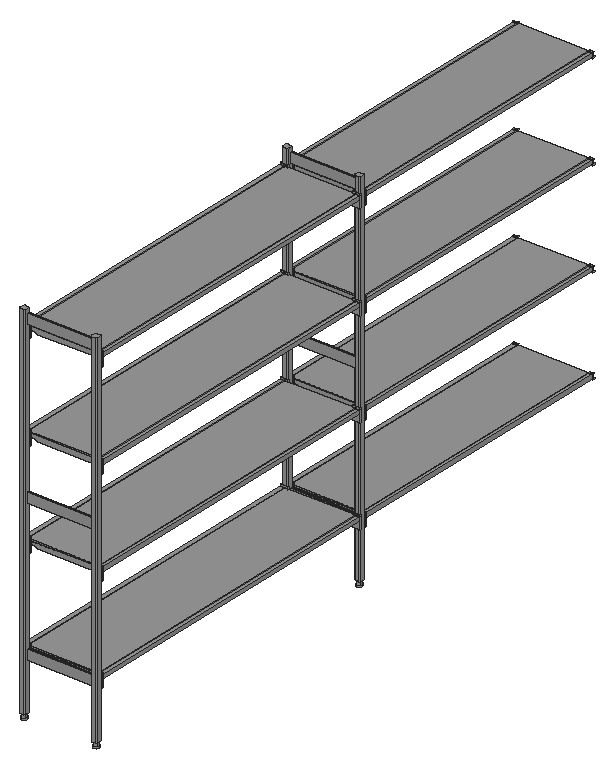
Revit family "QF_ZANUSSI_137069_ACS2903", category Attrezzature speciali, Revit 2020
Family settings
  Quota connettore circolare = Usa diametro
  Tipo di parte = Normale
  Basato su piano di lavoro = No
  Sempre verticale = Sì
  Taglio con vuoti quando caricato = No
  Condiviso = No
  Punto di calcolo locali = No
Parameters (values of type "Standard")
  Weight = 42.00 kg
  Watts = 0 W
  Volts = 0 V
  URL Manufacturer = "http://www.zanussiprofessional.com"
  URL = "http://www.zanussiprofessional.com"
  Steam Supply Size = 0 mm
  Steam Supply Minimum Pressure = 0.0 Pa
  Steam Supply Maximum Pressure = 0.0 Pa
  Steam Consumption per Hour = 0
  Refrigeration Suction Line Size = 0.0 mm
  Refrigeration Liquid Line Size = 0.0 mm
  Refrigerant Compressor Remote = yes
  Prospetto di default = 0.0 mm
  Phase = 0
  Modello = "ACS2903"
  Produttore = "Zanussi"
  Length Actual = 2907.0 mm  # constant formula
  Item Number = "137069"
  Hot Water Size = 0 mm
  Height Actual = 1700.0 mm  # constant formula
  HP = "0 HP"
  Gas Size = 0 mm
  Gas KW = 0
  Gas Input Pressure = 0 W
  Direct Waste Size = 0 mm
  Descrizione = "ALUM.CORNER SHELV.-POLY.TIERS-373X2907MM"
  Depth Actual = 373.0 mm  # constant formula
  Cycle = 0 Hz
  Condensate Return Size = 0 mm
  Compressed Air Volume = 0.0 L/s
  Compressed Air Size = 0 mm
  Compressed Air Pressure = 0.0 Pa
  Cold Water Size = 0 mm
  Accessory = yes
Reference planes
  plane 1: z = 0
  plane 2 "CenterLeft": y = -535.5
  plane 3 "FRONT": y = -921.5
  plane 4 "LEFT": x = 192.5
  plane 5 "RIGHT": x = 565.5
  plane 6 "TOP": z = 1700
  plane 7: y = -889.5
  plane 8: y = 615.5
  plane 9 "Center (Left/Back)": x = 379
  plane 10: x = 205
  plane 11: x = 515
  plane 12 "FEET": z = 25
  plane 13: z = 275
  plane 14: z = 725
  plane 15: z = 1175
  plane 16: z = 1625
  plane 17 "CXLeft": y = -907.5
  plane 18 "Center (Front/Back)": y = 633.5
  plane 19 "CYFront": x = 510
  plane 20: y = 1981.5
  plane 21: y = 651.5
  plane 22 "BACK": y = 1985.5
  plane 23 "LEFT_ORIGIN": x = 158.5
  plane 24 "BACK_ORIGIN": y = 2358.5
Forms (mm)
  Extrusion 1, solid, material "QF_Aluminum"
    sketch origin (38.022, -921.5, -4.006) x (-1, 0, 0) y (0, 0, 1)
      loop
        line (-189.5, 1637.003) -> (-173.5, 1637.003) -> (-173.5, 1655) -> (-175.493, 1655) -> (-175.493, 1648.501) -> (-506.5, 1648.501) -> (-506.5, 1655) -> (-508.5, 1655) -> (-508.5, 1637.003) -> (-492.5, 1637.003) -> (-458.5, 1625) -> (-223.5, 1625) -> (-189.5, 1637.003)
      loop
        line (-189.5, 1187.003) -> (-173.5, 1187.003) -> (-173.5, 1205) -> (-175.493, 1205) -> (-175.493, 1198.501) -> (-506.5, 1198.501) -> (-506.5, 1205) -> (-508.5, 1205) -> (-508.5, 1187.003) -> (-492.5, 1187.003) -> (-458.5, 1175) -> (-223.5, 1175) -> (-189.5, 1187.003)
      loop
        line (-189.5, 737.003) -> (-173.5, 737.003) -> (-173.5, 755) -> (-175.493, 755) -> (-175.493, 748.501) -> (-506.5, 748.501) -> (-506.5, 755) -> (-508.5, 755) -> (-508.5, 737.003) -> (-492.5, 737.003) -> (-458.5, 725) -> (-223.5, 725) -> (-189.5, 737.003)
      loop
        line (-189.5, 287.003) -> (-173.5, 287.003) -> (-173.5, 305) -> (-175.493, 305) -> (-175.493, 298.501) -> (-506.5, 298.501) -> (-506.5, 305) -> (-508.5, 305) -> (-508.5, 287.003) -> (-492.5, 287.003) -> (-458.5, 275) -> (-223.5, 275) -> (-189.5, 287.003)
    from 37 to 32
  Extrusion 2, solid, material "QF_Aluminum"
    sketch origin (38.022, -921.5, 0) x (-1, 0, 0) y (0, 0, 1)
      loop
        line (-154.478, 246.005) -> (-154.478, 307.993) -> (-190.471, 307.993) -> (-190.471, 246.005) -> (-154.478, 246.005)
      loop
        line (-527.478, 246.005) -> (-491.484, 246.005) -> (-491.484, 307.993) -> (-527.478, 307.993) -> (-527.478, 246.005)
      loop
        line (-154.478, 696.005) -> (-154.478, 757.993) -> (-190.471, 757.993) -> (-190.471, 696.005) -> (-154.478, 696.005)
      loop
        line (-527.478, 696.005) -> (-491.484, 696.005) -> (-491.484, 757.993) -> (-527.478, 757.993) -> (-527.478, 696.005)
      loop
        line (-154.478, 1146.005) -> (-154.478, 1207.993) -> (-190.471, 1207.993) -> (-190.471, 1146.005) -> (-154.478, 1146.005)
      loop
        line (-527.478, 1146.005) -> (-491.484, 1146.005) -> (-491.484, 1207.993) -> (-527.478, 1207.993) -> (-527.478, 1146.005)
      loop
        line (-154.478, 1596.005) -> (-154.478, 1657.993) -> (-190.471, 1657.993) -> (-190.471, 1596.005) -> (-154.478, 1596.005)
      loop
        line (-527.478, 1596.005) -> (-491.484, 1596.005) -> (-491.484, 1657.993) -> (-527.478, 1657.993) -> (-527.478, 1596.005)
    from 28 to 32
  Extrusion 3, solid, material "QF_Aluminum"
    sketch origin (38.022, -921.5, 0) x (-1, 0, 0) y (0, 0, 1)
      loop
        line (-154.5, 1650.994) -> (-173.5, 1650.994) -> (-173.5, 1632.998) -> (-154.5, 1632.998) -> (-154.5, 1650.994)
      loop
        line (-154.5, 1200.994) -> (-173.5, 1200.994) -> (-173.5, 1182.998) -> (-154.5, 1182.998) -> (-154.5, 1200.994)
      loop
        line (-154.5, 750.994) -> (-173.5, 750.994) -> (-173.5, 732.998) -> (-154.5, 732.998) -> (-154.5, 750.994)
      loop
        line (-154.5, 300.994) -> (-173.5, 300.994) -> (-173.5, 282.998) -> (-154.5, 282.998) -> (-154.5, 300.994)
      loop
        line (-527.455, 1650.994) -> (-527.455, 1632.998) -> (-508.455, 1632.998) -> (-508.455, 1650.994) -> (-527.455, 1650.994)
      loop
        line (-527.455, 1200.994) -> (-527.455, 1182.998) -> (-508.455, 1182.998) -> (-508.455, 1200.994) -> (-527.455, 1200.994)
      loop
        line (-527.455, 750.994) -> (-527.455, 732.998) -> (-508.455, 732.998) -> (-508.455, 750.994) -> (-527.455, 750.994)
      loop
        line (-527.455, 300.994) -> (-527.455, 282.998) -> (-508.455, 282.998) -> (-508.455, 300.994) -> (-527.455, 300.994)
    from 32 to 1537
  Extrusion 4, solid, material "QF_Polyethylene"
    sketch origin (38.022, -921.5, 0) x (-1, 0, 0) y (0, 0, 1)
      loop
        line (-175.493, 1650.994) -> (-506.5, 1650.994) -> (-506.5, 1644.496) -> (-175.493, 1644.496) -> (-175.493, 1650.994)
      loop
        line (-175.493, 1200.994) -> (-506.5, 1200.994) -> (-506.5, 1194.496) -> (-175.493, 1194.496) -> (-175.493, 1200.994)
      loop
        line (-175.493, 750.994) -> (-506.5, 750.994) -> (-506.5, 744.496) -> (-175.493, 744.496) -> (-175.493, 750.994)
      loop
        line (-175.493, 300.994) -> (-506.5, 300.994) -> (-506.5, 294.496) -> (-175.493, 294.496) -> (-175.493, 300.994)
    from 32 to 1537
  Extrusion 5, solid, material "QF_Aluminum"
    sketch origin (38.022, 684.5, 0) x (-1, 0, 0) y (0, 0, 1)
      loop
        line (-154.5, 1650.994) -> (-173.5, 1650.994) -> (-173.5, 1632.998) -> (-154.5, 1632.998) -> (-154.5, 1650.994)
      loop
        line (-508.5, 1650.994) -> (-527.455, 1650.994) -> (-527.455, 1632.998) -> (-508.5, 1632.998) -> (-508.5, 1650.994)
      loop
        line (-154.5, 1200.994) -> (-173.5, 1200.994) -> (-173.5, 1182.998) -> (-154.5, 1182.998) -> (-154.5, 1200.994)
      loop
        line (-508.5, 1200.994) -> (-527.455, 1200.994) -> (-527.455, 1182.998) -> (-508.5, 1182.998) -> (-508.5, 1200.994)
      loop
        line (-154.5, 750.994) -> (-173.5, 750.994) -> (-173.5, 732.998) -> (-154.5, 732.998) -> (-154.5, 750.994)
      loop
        line (-508.5, 750.994) -> (-527.455, 750.994) -> (-527.455, 732.998) -> (-508.5, 732.998) -> (-508.5, 750.994)
      loop
        line (-154.5, 300.994) -> (-173.5, 300.994) -> (-173.5, 282.998) -> (-154.5, 282.998) -> (-154.5, 300.994)
      loop
        line (-508.5, 300.994) -> (-527.455, 300.994) -> (-527.455, 282.998) -> (-508.5, 282.998) -> (-508.5, 300.994)
    from 1297 to -33
  Extrusion 6, solid, material "QF_Polyethylene"
    sketch origin (38.022, 684.5, 0) x (-1, 0, 0) y (0, 0, 1)
      loop
        line (-175.493, 1650.994) -> (-506.5, 1650.994) -> (-506.5, 1644.496) -> (-175.493, 1644.496) -> (-175.493, 1650.994)
      loop
        line (-175.493, 1200.994) -> (-506.5, 1200.994) -> (-506.5, 1194.496) -> (-175.493, 1194.496) -> (-175.493, 1200.994)
      loop
        line (-175.493, 750.994) -> (-506.5, 750.994) -> (-506.5, 744.496) -> (-175.493, 744.496) -> (-175.493, 750.994)
      loop
        line (-175.493, 300.994) -> (-506.5, 300.994) -> (-506.5, 294.496) -> (-175.493, 294.496) -> (-175.493, 300.994)
    from 1297 to -33
Lines and regions (mm)
  symbolic lines
    curve 1: line (205, -912.5, 1700) -> (515, -912.5, 1700)
    curve 2: line (515, -902.5, 1700) -> (205, -902.5, 1700)
    curve 3: line (192.5, -893.5, 1700) -> (192.5, 619.5, 1700)
    curve 4: line (565.5, -889.5, 1700) -> (565.5, 615.5, 1700)
    curve 5: line (192.5, 647.5, 1700) -> (192.5, 1985.5, 1700)
    curve 6: line (565.5, 647.5, 1700) -> (565.5, 1985.5, 1700)
    curve 7: line (211.522, 1981.5, 1700) -> (510.507, 1981.5, 1700)
    curve 8: line (211.522, 615.5, 1700) -> (510.507, 615.5, 1700)
    curve 9: line (510.507, 651.5, 1700) -> (211.522, 651.5, 1700)
    curve 10: line (211.522, -889.5, 1700) -> (510.507, -889.5, 1700)
    curve 11: line (211.522, -889.5, 1700) -> (211.522, 615.5, 1700)
    curve 12: line (546.478, 615.5, 1700) -> (546.478, -889.5, 1700)
    curve 13: line (211.522, 651.5, 1700) -> (211.522, 1981.5, 1700)
    curve 14: line (546.522, 652.5, 1700) -> (546.522, -145.5, 1700)
Dimensions and locks
  plane 3 "FRONT" to plane 2 "CenterLeft" = 386.0 mm
  locked: plane 6 "TOP" to level at 1700
  locked: plane 7 to plane 8 at 1505
  locked: plane 10 to plane 11 at 310
  plane 10 to plane 9 "Center (Left/Back)" to plane 11 = 174.0 mm, 136.0 mm
  equal spacing: plane 4 "LEFT", plane 9 "Center (Left/Back)", plane 5 "RIGHT"
  plane 12 "FEET" to level = 25.0 mm
  plane 6 "TOP" to plane 12 "FEET" = 1675.0 mm
  plane 13 to plane 12 "FEET" = 250.0 mm
  plane 14 to plane 13 = 450.0 mm
  plane 15 to plane 14 = 450.0 mm
  plane 16 to plane 15 = 450.0 mm
  plane 19 "CYFront" to Extrusion 1 sketch curve = 34.522 mm
  locked: plane 21 to plane 20 at 1330
  locked: plane 8 to plane 18 "Center (Front/Back)" at 18
  locked: plane 18 "Center (Front/Back)" to plane 21 at 18
  locked: plane 3 "FRONT" to plane 7 at 32
  locked: plane 4 "LEFT" to plane 5 "RIGHT" at 373
  locked: plane 23 "LEFT_ORIGIN" to plane 5 "RIGHT" at 407
  locked: plane 22 "BACK" to plane 24 "BACK_ORIGIN" at 373
  locked: plane 22 "BACK" to plane 3 "FRONT" at 2907
  aligned and locked: level to plane 1
  aligned and locked: Extrusion 1 to plane 7
  aligned and locked: plane 7 to Extrusion 2
  aligned and locked: Extrusion 4 to plane 7
  aligned and locked: plane 8 to Extrusion 4
  aligned and locked: Extrusion 3 to plane 7
  aligned and locked: plane 8 to Extrusion 3
  aligned and locked: Extrusion 1 sketch curve to Extrusion 1 sketch curve  (x3)
  aligned and locked: Extrusion 4 sketch curve to Extrusion 1  (x4)
  aligned and locked: Extrusion 5 sketch curve to Extrusion 5 sketch curve  (x2)
  aligned and locked: Extrusion 5 to plane 21  (x5)
  aligned and locked: Extrusion 6 to plane 21  (x5)
  aligned and locked: nested 2 to plane 18 "Center (Front/Back)"
  aligned and locked: nested 1 to plane 17 "CXLeft"
  aligned and locked: plane 7 to Extrusion 3  (x3)
  aligned and locked: Extrusion 3 to plane 8  (x4)
  aligned and locked: Extrusion 4 to plane 8  (x4)
  aligned and locked: plane 20 to Extrusion 5
  aligned and locked: plane 20 to Extrusion 6
  aligned and locked: Extrusion 5 to plane 20  (x3)
  aligned and locked: Extrusion 6 to plane 20  (x3)
  aligned and locked: plane 9 "Center (Left/Back)" to nested 2
  aligned and locked: nested 3 to plane 22 "BACK"
Automatic sketch dimensions
  curve 1 to plane 10 = 0.0 mm
  curve 1 to plane 11 = 0.0 mm
  curve 2 to plane 10 = 0.0 mm
  curve 2 to plane 11 = 0.0 mm
  curve 3 to plane 4 "LEFT" = 0.0 mm
  plane 7 to curve 10 = 0.0 mm
  curve 4 to plane 5 "RIGHT" = 0.0 mm
  plane 7 to curve 4 = 0.0 mm
  plane 8 to curve 8 = 0.0 mm
  plane 8 to curve 4 = 0.0 mm
  curve 6 to plane 5 "RIGHT" = 0.0 mm
  curve 5 to plane 4 "LEFT" = 0.0 mm
  curve 9 to plane 21 = 0.0 mm
  plane 20 to curve 7 = 0.0 mm
  plane 7 to curve 3 = 4.0 mm
  plane 17 "CXLeft" to curve 2 = 5.0 mm
  curve 1 to plane 17 "CXLeft" = 5.0 mm
  curve 3 to plane 8 = 4.0 mm
  curve 6 to plane 21 = 4.0 mm
  curve 5 to plane 21 = 4.0 mm
  curve 6 to plane 20 = 4.0 mm
  curve 5 to plane 20 = 4.0 mm
  plane 11 to curve 10 = 4.493 mm
  plane 11 to curve 9 = 4.493 mm
  plane 11 to curve 8 = 4.493 mm
  plane 11 to curve 7 = 4.493 mm
  curve 8 to plane 10 = 6.522 mm
  curve 7 to plane 10 = 6.522 mm
  Extrusion 1 sketch curve to plane 19 "CYFront" = 36.522 mm  (x4)
  Extrusion 1 sketch curve to plane 11 = 15.522 mm  (x4)
  Extrusion 1 sketch curve to plane 13 = 4.006 mm
  Extrusion 1 sketch curve to Extrusion 1 sketch curve = 34.0 mm  (x4)
  Extrusion 1 sketch curve to plane 14 = 4.006 mm
  Extrusion 1 sketch curve to plane 15 = 4.006 mm
  Extrusion 1 sketch curve to plane 16 = 4.006 mm
  Extrusion 1 sketch curve to plane 10 = 56.522 mm  (x4)
  Extrusion 1 sketch curve to plane 10 = 22.522 mm  (x4)
  plane 13 to Extrusion 1 sketch curve = 7.998 mm  (x2)
  Extrusion 1 sketch curve to Extrusion 1 sketch curve = 11.498 mm  (x4)
  Extrusion 1 sketch curve to Extrusion 1 sketch curve = 6.499 mm  (x8)
  plane 14 to Extrusion 1 sketch curve = 7.998 mm  (x2)
  plane 15 to Extrusion 1 sketch curve = 7.998 mm  (x2)
  plane 16 to Extrusion 1 sketch curve = 7.998 mm  (x2)
  Extrusion 2 sketch curve to plane 5 "RIGHT" = 0.0 mm  (x4)
  Extrusion 2 sketch curve to plane 4 "LEFT" = 0.0 mm  (x4)
  Extrusion 2 sketch curve to plane 11 = 14.507 mm  (x4)
  Extrusion 2 sketch curve to plane 10 = 23.493 mm  (x4)
  Extrusion 2 sketch curve to plane 13 = 28.995 mm  (x2)
  plane 13 to Extrusion 2 sketch curve = 32.993 mm  (x2)
  Extrusion 2 sketch curve to plane 14 = 28.995 mm  (x2)
  plane 14 to Extrusion 2 sketch curve = 32.993 mm  (x2)
  Extrusion 2 sketch curve to plane 15 = 28.995 mm  (x2)
  plane 15 to Extrusion 2 sketch curve = 32.993 mm  (x2)
  Extrusion 2 sketch curve to plane 16 = 28.995 mm  (x2)
  plane 16 to Extrusion 2 sketch curve = 32.993 mm  (x2)
  plane 13 to Extrusion 4 sketch curve = 19.496 mm
  Extrusion 4 sketch curve to Extrusion 4 sketch curve = 6.499 mm  (x4)
  plane 14 to Extrusion 4 sketch curve = 19.496 mm
  plane 15 to Extrusion 4 sketch curve = 19.496 mm
  plane 16 to Extrusion 4 sketch curve = 19.496 mm
  plane 5 "RIGHT" to Extrusion 5 sketch curve = 0.022 mm  (x4)
  Extrusion 5 sketch curve to plane 4 "LEFT" = 19.022 mm  (x4)
  Extrusion 5 sketch curve to plane 19 "CYFront" = 36.522 mm  (x2)
  plane 13 to Extrusion 5 sketch curve = 7.998 mm  (x2)
  Extrusion 5 sketch curve to Extrusion 5 sketch curve = 17.997 mm  (x8)
  plane 14 to Extrusion 5 sketch curve = 7.998 mm  (x2)
  plane 15 to Extrusion 5 sketch curve = 7.998 mm  (x2)
  plane 16 to Extrusion 5 sketch curve = 7.998 mm  (x2)
  Extrusion 6 sketch curve to plane 19 "CYFront" = 34.522 mm  (x4)
  plane 13 to Extrusion 6 sketch curve = 19.496 mm
  Extrusion 6 sketch curve to Extrusion 6 sketch curve = 6.499 mm  (x4)
  plane 14 to Extrusion 6 sketch curve = 19.496 mm
  plane 15 to Extrusion 6 sketch curve = 19.496 mm
  plane 16 to Extrusion 6 sketch curve = 19.496 mm
  plane 5 "RIGHT" to Extrusion 3 sketch curve = 0.022 mm  (x4)
  Extrusion 3 sketch curve to Extrusion 3 sketch curve = 19.0 mm  (x4)
  plane 14 to Extrusion 3 sketch curve = 7.998 mm  (x2)
  Extrusion 3 sketch curve to plane 10 = 6.522 mm  (x4)
  Extrusion 3 sketch curve to plane 4 "LEFT" = 0.022 mm  (x4)
  plane 13 to Extrusion 3 sketch curve = 25.994 mm  (x2)
  plane 13 to Extrusion 3 sketch curve = 7.998 mm  (x2)
  Extrusion 3 sketch curve to Extrusion 3 sketch curve = 17.997 mm  (x6)
  plane 15 to Extrusion 3 sketch curve = 7.998 mm  (x2)
  plane 16 to Extrusion 3 sketch curve = 7.998 mm  (x2)
  plane 7 to curve 12 = 0.0 mm
  plane 8 to curve 12 = 0.0 mm
  curve 4 to curve 12 = 19.022 mm
  Extrusion 1 sketch curve to plane 10 = 8.516 mm  (x4)
  Extrusion 1 sketch curve to plane 10 = 6.522 mm  (x2)
  Extrusion 1 sketch curve to Extrusion 1 sketch curve = 1.993 mm  (x2)
  Extrusion 4 sketch curve to plane 10 = 8.516 mm  (x4)
  Extrusion 5 sketch curve to plane 4 "LEFT" = 0.022 mm  (x4)
  Extrusion 6 sketch curve to plane 10 = 8.516 mm  (x4)
Nested families
  nested 1: "WT_Anta373" at (215.5, -504.5, 0) x (0, 1, 0) z (0, 0, 1), type "WT_Anta373"
  nested 2: "WT_Anta373Center" at (215.5, 1036.5, 0) x (0, 1, 0) z (0, 0, 1), type "WT_Anta373Center"
  nested 3: "WT_Aggancio373" at (215.5, 2393.5, 0) x (0, 1, 0) z (0, 0, 1), type "WT_Aggancio373"
Definition of nested family "WT_Anta373"
  Parameters
    WidthLeft = A + 64.0 mm  # 772.0 mm
    Width = 1606.0 mm
    Right = WidthLeft / 2  # 386.0 mm
    Default Elevation = 0.0 mm
    Left = -WidthLeft / 2  # -386.0 mm
    Height = 1725.0 mm
    FEET = 25.0 mm
    E = 0.0 mm
    Dint = Depth - 63.0 mm  # 310.0 mm
    Dext = Depth - 8.0 mm  # 365.0 mm
    Depth = 373.0 mm
    DX = (WidthLeft - A) / 2  # 32.0 mm
    B = 798.0 mm
    A = 708.0 mm
  Reference planes
    plane 1: z = 0
    plane 2 "LEFT": x = -417
    plane 3 "BACK": y = 23
    plane 4 "FRONT": y = -350
    plane 5 "TOP": z = 1725
    plane 6 "Center (Front/Back)": y = -163.5
    plane 7: y = -8.5
    plane 8: y = -318.5
    plane 9 "FEET": z = 25
    plane 10: z = 275
    plane 11: z = 725
    plane 12: z = 1175
    plane 13: z = 1625
    plane 14 "CXLeft": x = -403
    plane 15: y = 5.5
    plane 16 "CYBack": y = 5.5
    plane 17 "CYFront": y = -332.5
    plane 18: x = -385.031
    plane 19: x = -380.031
  Forms (mm)
    Extrusion 1, solid
      sketch origin (0, 0, 0) x (1, 0, 0) y (0, 1, 0)
        loop
          line (-417, 13.246) -> (-417, -2.246) -> (-410.746, -8.5) -> (-395.254, -8.5) -> (-389, -2.246) -> (-389, 13.246) -> (-395.254, 19.5) -> (-410.746, 19.5) -> (-417, 13.246)
      from 1725 to 25
    Extrusion 2, solid
      sketch origin (-417, 0, 0) x (0, 1, 0) y (0, 0, 1)
        loop
          line (23, 246.005) -> (23, 307.993) -> (-12.993, 307.993) -> (-12.993, 246.005) -> (23, 246.005)
        loop
          line (-350, 246.005) -> (-314.007, 246.005) -> (-314.007, 307.993) -> (-350, 307.993) -> (-350, 246.005)
        loop
          line (23, 696.005) -> (23, 757.993) -> (-12.993, 757.993) -> (-12.993, 696.005) -> (23, 696.005)
        loop
          line (-350, 696.005) -> (-314.007, 696.005) -> (-314.007, 757.993) -> (-350, 757.993) -> (-350, 696.005)
        loop
          line (23, 1146.005) -> (23, 1207.993) -> (-12.993, 1207.993) -> (-12.993, 1146.005) -> (23, 1146.005)
        loop
          line (-350, 1146.005) -> (-314.007, 1146.005) -> (-314.007, 1207.993) -> (-350, 1207.993) -> (-350, 1146.005)
        loop
          line (23, 1596.005) -> (23, 1657.993) -> (-12.993, 1657.993) -> (-12.993, 1596.005) -> (23, 1596.005)
        loop
          line (-350, 1596.005) -> (-314.007, 1596.005) -> (-314.007, 1657.993) -> (-350, 1657.993) -> (-350, 1596.005)
      from 28 to 32
    Revolve 3, solid
      sketch origin (-403, 0, 0) x (0, 1, 0) y (0, 0, 1)
        loop
          line (5.5, 25) -> (5.5, 0) -> (19, 0) -> (19, 5) -> (14, 5) -> (14, 25) -> (5.5, 25)
        axis (5.5, 25) -> (5.5, 0)
      angle from 0 to 360
    Extrusion 4, solid
      sketch origin (-403, 0, 0) x (0, 1, 0) y (0, 0, 1)
        loop
          line (-8.5, 912.382) -> (-8.5, 957.374) -> (-318.5, 957.374) -> (-318.5, 912.382) -> (-8.5, 912.382)
        loop
          line (-8.5, 1662.244) -> (-8.5, 1707.236) -> (-318.5, 1707.236) -> (-318.5, 1662.244) -> (-8.5, 1662.244)
      from -5 to 5
    Revolve 5, solid
      sketch origin (-403, -627, 0) x (0, -1, 0) y (0, 0, 1)
        loop
          line (-294.5, 25) -> (-294.5, 0) -> (-281, 0) -> (-281, 5) -> (-286, 5) -> (-286, 25) -> (-294.5, 25)
        axis (-294.5, 25) -> (-294.5, 0)
      angle from 0 to 360
    Extrusion 6, solid
      sketch origin (0, -627, 0) x (1, 0, 0) y (0, 1, 0)
        loop
          line (-417, 286.754) -> (-410.746, 280.5) -> (-395.254, 280.5) -> (-389, 286.754) -> (-389, 302.246) -> (-395.254, 308.5) -> (-410.746, 308.5) -> (-417, 302.246) -> (-417, 286.754)
      from 1725 to 25
    Extrusion 7, solid
      sketch origin (-417.031, -0.022, 0) x (0, 1, 0) y (0, 0, -1)
        loop
          line (-12, -1632.998) -> (-46, -1620.994) -> (-281, -1620.994) -> (-315, -1632.998) -> (-331, -1632.998) -> (-331, -1650.994) -> (-329, -1650.994) -> (-329, -1644.496) -> (2.007, -1644.496) -> (2.007, -1650.994) -> (4, -1650.994) -> (4, -1632.998) -> (-12, -1632.998)
        loop
          line (-12, -1182.998) -> (-46, -1170.994) -> (-281, -1170.994) -> (-315, -1182.998) -> (-331, -1182.998) -> (-331, -1200.994) -> (-329, -1200.994) -> (-329, -1194.496) -> (2.007, -1194.496) -> (2.007, -1200.994) -> (4, -1200.994) -> (4, -1182.998) -> (-12, -1182.998)
        loop
          line (-12, -732.998) -> (-46, -720.994) -> (-281, -720.994) -> (-315, -732.998) -> (-331, -732.998) -> (-331, -750.994) -> (-329, -750.994) -> (-329, -744.496) -> (2.007, -744.496) -> (2.007, -750.994) -> (4, -750.994) -> (4, -732.998) -> (-12, -732.998)
        loop
          line (-12, -282.998) -> (-46, -270.994) -> (-281, -270.994) -> (-315, -282.998) -> (-331, -282.998) -> (-331, -300.994) -> (-329, -300.994) -> (-329, -294.496) -> (2.007, -294.496) -> (2.007, -300.994) -> (4, -300.994) -> (4, -282.998) -> (-12, -282.998)
      from -32 to -37
    Extrusion 8, solid
      sketch origin (-403, 0, -659.878) x (0, 1, 0) y (0, 0, 1)
        loop
          line (-8.5, 912.382) -> (-8.5, 957.374) -> (-318.5, 957.374) -> (-318.5, 912.382) -> (-8.5, 912.382)
        loop
          line (-8.5, 1572.382) -> (-8.5, 1617.374) -> (-318.5, 1617.374) -> (-318.5, 1572.382) -> (-8.5, 1572.382)
        loop
          line (-8.5, 2322.382) -> (-8.5, 2367.374) -> (-318.5, 2367.374) -> (-318.5, 2322.382) -> (-8.5, 2322.382)
      from -5 to 5
  Lines and regions (mm)
    symbolic lines
      curve 1: line (-408, -8.5, 1725) -> (-408, -318.5, 1725)
      curve 2: line (-398, -318.5, 1725) -> (-398, -8.5, 1725)
      curve 3: line (-395.254, -8.5, 1725) -> (-410.746, -8.5, 1725)
      curve 4: line (-417, -2.246, 1725) -> (-410.746, -8.5, 1725)
      curve 5: line (-417, 13.246, 1725) -> (-417, -2.246, 1725)
      curve 6: line (-410.746, 19.5, 1725) -> (-417, 13.246, 1725)
      curve 7: line (-395.254, 19.5, 1725) -> (-410.746, 19.5, 1725)
      curve 8: line (-389, 13.246, 1725) -> (-395.254, 19.5, 1725)
      curve 9: line (-395.254, -8.5, 1725) -> (-389, -2.246, 1725)
      curve 10: line (-395.254, -318.5, 1725) -> (-410.746, -318.5, 1725)
      curve 11: line (-417, -324.754, 1725) -> (-410.746, -318.5, 1725)
      curve 12: line (-410.746, -346.5, 1725) -> (-417, -340.246, 1725)
      curve 13: line (-395.254, -346.5, 1725) -> (-410.746, -346.5, 1725)
      curve 14: line (-389, -340.246, 1725) -> (-395.254, -346.5, 1725)
      curve 15: line (-395.254, -318.5, 1725) -> (-389, -324.754, 1725)
      curve 16: line (-389, -350, 1725) -> (-389, -314.007, 1725)
      curve 17: line (-389, -314.007, 1725) -> (-385, -314.007, 1725)
      curve 18: line (-389, 23, 1725) -> (-389, -12.993, 1725)
      curve 19: line (-389, -12.993, 1725) -> (-385, -12.993, 1725)
      curve 20: line (-417, -324.754, 1725) -> (-417, -340.246, 1725)
      curve 21: line (-385, -350, 1725) -> (-385, -314.007, 1725)
      curve 22: line (-385, -350, 1725) -> (-389, -350, 1725)
      curve 23: line (-385, 23, 1725) -> (-389, 23, 1725)
      curve 24: line (-385, -12.993, 1725) -> (-385, 23, 1725)
      curve 25: line (-385.031, -13.016, 1725) -> (-385.031, -314.029, 1725)
  Dimensions and locks
    "Height": plane 5 "TOP" to level
    "Depth": plane 3 "BACK" to plane 4 "FRONT"
    "Dint": plane 7 to plane 8
    equal spacing: plane 7, plane 6 "Center (Front/Back)", plane 8
    equal spacing: plane 3 "BACK", plane 6 "Center (Front/Back)", plane 4 "FRONT"
    plane 9 "FEET" to level = 25.0 mm
    plane 5 "TOP" to plane 9 "FEET" = 1700.0 mm
    plane 10 to plane 9 "FEET" = 250.0 mm
    plane 11 to plane 10 = 450.0 mm
    plane 12 to plane 11 = 450.0 mm
    plane 13 to plane 12 = 450.0 mm
    locked: plane 2 "LEFT" to plane 14 "CXLeft" at 14
    locked: plane 3 "BACK" to plane 16 "CYBack" at 17.5
    locked: plane 17 "CYFront" to plane 4 "FRONT" at 17.5
    locked: Revolve 3 sketch curve to Revolve 3 sketch curve at 8.5
    locked: Revolve 3 sketch curve to plane 16 "CYBack" at 13.5
    locked: Revolve 5 sketch curve to Revolve 5 sketch curve at 8.5
    aligned and locked: level to plane 1
    aligned and locked: curve 20 to Extrusion 6
    aligned and locked: plane 5 "TOP" to Extrusion 1
    aligned and locked: plane 5 "TOP" to Extrusion 6
    aligned and locked: Extrusion 7 sketch curve to Extrusion 7 sketch curve  (x3)
  Automatic sketch dimensions
    curve 16 to plane 4 "FRONT" = 0.0 mm
    curve 11 to plane 8 = 0.0 mm
    curve 9 to plane 7 = 0.0 mm
    curve 5 to plane 2 "LEFT" = 0.0 mm
    curve 23 to plane 3 "BACK" = 0.0 mm
    plane 4 "FRONT" to curve 13 = 3.5 mm
    curve 20 to plane 17 "CYFront" = 7.746 mm
    curve 20 to plane 8 = 6.254 mm
    plane 8 to curve 16 = 4.493 mm
    curve 24 to plane 18 = 0.031 mm
    curve 24 to plane 7 = 4.493 mm
    plane 7 to curve 5 = 6.254 mm
    curve 5 to plane 15 = 7.746 mm
    curve 6 to plane 3 "BACK" = 3.5 mm
    curve 21 to plane 18 = 0.031 mm
    plane 18 to curve 23 = 3.969 mm
    plane 18 to curve 16 = 3.969 mm
    curve 18 to curve 8 = 6.254 mm
    curve 18 to curve 3 = 6.254 mm
    curve 16 to curve 13 = 6.254 mm
    curve 16 to curve 15 = 6.254 mm
    plane 2 "LEFT" to curve 10 = 6.254 mm
    plane 2 "LEFT" to curve 7 = 6.254 mm
    plane 2 "LEFT" to curve 12 = 6.254 mm
    plane 2 "LEFT" to curve 3 = 6.254 mm
    curve 14 to plane 17 "CYFront" = 7.746 mm
    curve 15 to plane 8 = 6.254 mm
    plane 7 to curve 9 = 6.254 mm
    curve 8 to plane 15 = 7.746 mm
    curve 3 to curve 2 = 2.746 mm
    curve 1 to curve 10 = 2.746 mm
    Extrusion 1 sketch curve to plane 2 "LEFT" = 0.0 mm
    Extrusion 1 sketch curve to plane 7 = 0.0 mm
    plane 2 "LEFT" to Extrusion 1 sketch curve = 6.254 mm  (x2)
    plane 14 "CXLeft" to Extrusion 1 sketch curve = 7.746 mm  (x2)
    Extrusion 1 sketch curve to plane 3 "BACK" = 3.5 mm
    plane 18 to Extrusion 1 sketch curve = 3.969 mm
    plane 7 to Extrusion 1 sketch curve = 6.254 mm  (x2)
    Extrusion 1 sketch curve to plane 15 = 7.746 mm  (x2)
    Extrusion 2 sketch curve to plane 4 "FRONT" = 0.0 mm  (x4)
    Extrusion 2 sketch curve to plane 3 "BACK" = 0.0 mm  (x4)
    plane 8 to Extrusion 2 sketch curve = 4.493 mm  (x4)
    Extrusion 2 sketch curve to plane 7 = 4.493 mm  (x4)
    Extrusion 2 sketch curve to plane 10 = 28.995 mm  (x2)
    plane 10 to Extrusion 2 sketch curve = 32.993 mm  (x2)
    Extrusion 2 sketch curve to plane 11 = 28.995 mm  (x2)
    plane 11 to Extrusion 2 sketch curve = 32.993 mm  (x2)
    Extrusion 2 sketch curve to plane 12 = 28.995 mm  (x2)
    plane 12 to Extrusion 2 sketch curve = 32.993 mm  (x2)
    Extrusion 2 sketch curve to plane 13 = 28.995 mm  (x2)
    plane 13 to Extrusion 2 sketch curve = 32.993 mm  (x2)
    Revolve 3 sketch curve to plane 9 "FEET" = 0.0 mm  (x2)
    Revolve 3 sketch curve to plane 15 = 0.0 mm  (x2)
    Revolve 3 sketch curve to level = 0.0 mm
    level to Revolve 3 sketch curve = 5.0 mm
    Revolve 3 sketch curve to Revolve 3 sketch curve = 11.655 mm
    Extrusion 4 sketch curve to plane 8 = 0.0 mm  (x2)
    Extrusion 4 sketch curve to plane 7 = 0.0 mm  (x2)
    plane 11 to Extrusion 4 sketch curve = 187.382 mm
    Extrusion 4 sketch curve to Extrusion 4 sketch curve = 44.992 mm
    plane 13 to Extrusion 4 sketch curve = 37.244 mm
    Extrusion 4 sketch curve to plane 5 "TOP" = 17.764 mm
    Revolve 5 sketch curve to plane 9 "FEET" = 0.0 mm  (x2)
    Revolve 5 sketch curve to plane 17 "CYFront" = 0.0 mm  (x2)
    Revolve 5 sketch curve to level = 0.0 mm
    Revolve 5 sketch curve to plane 4 "FRONT" = 4.0 mm
    Revolve 5 sketch curve to Revolve 5 sketch curve = 5.0 mm
    level to Revolve 5 sketch curve = 11.655 mm
    Extrusion 6 sketch curve to plane 2 "LEFT" = 0.0 mm
    Extrusion 6 sketch curve to plane 8 = 0.0 mm
    Extrusion 6 sketch curve to plane 2 "LEFT" = 6.254 mm  (x2)
    Extrusion 6 sketch curve to plane 14 "CXLeft" = 7.746 mm  (x2)
    Extrusion 6 sketch curve to plane 4 "FRONT" = 3.5 mm
    Extrusion 6 sketch curve to plane 18 = 3.969 mm
    plane 8 to Extrusion 6 sketch curve = 6.254 mm  (x2)
    plane 17 "CYFront" to Extrusion 6 sketch curve = 7.746 mm  (x2)
    plane 17 "CYFront" to Extrusion 7 sketch curve = 1.478 mm  (x4)
    Extrusion 7 sketch curve to Extrusion 7 sketch curve = 2.0 mm
    plane 8 to Extrusion 7 sketch curve = 3.478 mm  (x4)
    Extrusion 7 sketch curve to plane 10 = 4.006 mm
    Extrusion 7 sketch curve to Extrusion 7 sketch curve = 34.0 mm  (x4)
    Extrusion 7 sketch curve to plane 11 = 4.006 mm
    Extrusion 7 sketch curve to plane 12 = 4.006 mm
    Extrusion 7 sketch curve to plane 13 = 4.006 mm
    Extrusion 7 sketch curve to plane 7 = 37.522 mm  (x4)
    Extrusion 7 sketch curve to plane 7 = 3.522 mm  (x4)
    plane 15 to Extrusion 7 sketch curve = 3.516 mm  (x4)
    plane 15 to Extrusion 7 sketch curve = 1.522 mm  (x4)
    plane 13 to Extrusion 7 sketch curve = 7.998 mm  (x2)
    Extrusion 7 sketch curve to Extrusion 7 sketch curve = 11.498 mm
    Extrusion 7 sketch curve to Extrusion 7 sketch curve = 6.499 mm  (x5)
    plane 12 to Extrusion 7 sketch curve = 25.994 mm  (x2)
    plane 12 to Extrusion 7 sketch curve = 7.998 mm  (x2)
    plane 11 to Extrusion 7 sketch curve = 25.994 mm  (x2)
    plane 11 to Extrusion 7 sketch curve = 7.998 mm  (x2)
    plane 10 to Extrusion 7 sketch curve = 25.994 mm  (x2)
    plane 10 to Extrusion 7 sketch curve = 7.998 mm  (x2)
    curve 25 to plane 18 = 0.0 mm
    plane 8 to curve 25 = 4.471 mm
    curve 25 to plane 7 = 4.516 mm
    Extrusion 8 sketch curve to plane 8 = 0.0 mm  (x3)
    Extrusion 8 sketch curve to plane 7 = 0.0 mm  (x3)
    Extrusion 8 sketch curve to plane 10 = 22.496 mm
    plane 10 to Extrusion 8 sketch curve = 22.496 mm
    plane 11 to Extrusion 8 sketch curve = 187.504 mm
    Extrusion 8 sketch curve to Extrusion 8 sketch curve = 44.992 mm
    plane 13 to Extrusion 8 sketch curve = 37.504 mm
    Extrusion 8 sketch curve to plane 5 "TOP" = 17.504 mm
Definition of nested family "WT_Anta373Center"
  Parameters
    WidthLeft = A + 64.0 mm  # 772.0 mm
    Width = 1606.0 mm
    Right = WidthLeft / 2  # 386.0 mm
    Default Elevation = 0.0 mm
    Left = -WidthLeft / 2  # -386.0 mm
    Height = 1725.0 mm
    FEET = 25.0 mm
    E = 0.0 mm
    Dint = Depth - 63.0 mm  # 310.0 mm
    Dext = Depth - 8.0 mm  # 365.0 mm
    Depth = 373.0 mm
    DX = (WidthLeft - A) / 2  # 32.0 mm
    B = 798.0 mm
    A = 708.0 mm
  Reference planes
    plane 1: z = 0
    plane 2 "L": x = -417
    plane 3 "BACK": y = 23
    plane 4 "FRONT": y = -350
    plane 5 "TOP": z = 1725
    plane 6 "Center (Front/Back)": y = -163.5
    plane 7: y = -8.5
    plane 8: y = -318.5
    plane 9 "FEET": z = 25
    plane 10: z = 275
    plane 11: z = 725
    plane 12: z = 1175
    plane 13: z = 1625
    plane 14 "CXLeft": x = -403
    plane 15: y = 5.5
    plane 16 "CYBack": y = 5.5
    plane 17 "CYFront": y = -332.5
    plane 18: x = -385.031
    plane 19 "RIGHT": x = -380.031
    plane 20: x = -420.969
    plane 21 "LEFT": x = -425.969
  Forms (mm)
    Extrusion 1, solid
      sketch origin (0, 0, 0) x (1, 0, 0) y (0, 1, 0)
        loop
          line (-417, 13.246) -> (-417, -2.246) -> (-410.746, -8.5) -> (-395.254, -8.5) -> (-389, -2.246) -> (-389, 13.246) -> (-395.254, 19.5) -> (-410.746, 19.5) -> (-417, 13.246)
      from 1725 to 25
    Extrusion 2, solid
      sketch origin (-417, 0, 0) x (0, 1, 0) y (0, 0, 1)
        loop
          line (23, 246.005) -> (23, 307.993) -> (-12.993, 307.993) -> (-12.993, 246.005) -> (23, 246.005)
        loop
          line (-350, 246.005) -> (-314.007, 246.005) -> (-314.007, 307.993) -> (-350, 307.993) -> (-350, 246.005)
        loop
          line (23, 696.005) -> (23, 757.993) -> (-12.993, 757.993) -> (-12.993, 696.005) -> (23, 696.005)
        loop
          line (-350, 696.005) -> (-314.007, 696.005) -> (-314.007, 757.993) -> (-350, 757.993) -> (-350, 696.005)
        loop
          line (23, 1146.005) -> (23, 1207.993) -> (-12.993, 1207.993) -> (-12.993, 1146.005) -> (23, 1146.005)
        loop
          line (-350, 1146.005) -> (-314.007, 1146.005) -> (-314.007, 1207.993) -> (-350, 1207.993) -> (-350, 1146.005)
        loop
          line (23, 1596.005) -> (23, 1657.993) -> (-12.993, 1657.993) -> (-12.993, 1596.005) -> (23, 1596.005)
        loop
          line (-350, 1596.005) -> (-314.007, 1596.005) -> (-314.007, 1657.993) -> (-350, 1657.993) -> (-350, 1596.005)
      from 28 to 32
    Revolve 3, solid
      sketch origin (-403, 0, 0) x (0, 1, 0) y (0, 0, 1)
        loop
          line (5.5, 25) -> (5.5, 0) -> (19, 0) -> (19, 5) -> (14, 5) -> (14, 25) -> (5.5, 25)
        axis (5.5, 25) -> (5.5, 0)
      angle from 0 to 360
    Extrusion 4, solid
      sketch origin (-403, 0, 0) x (0, 1, 0) y (0, 0, 1)
        loop
          line (-8.5, 912.382) -> (-8.5, 957.374) -> (-318.5, 957.374) -> (-318.5, 912.382) -> (-8.5, 912.382)
        loop
          line (-8.5, 1662.244) -> (-8.5, 1707.236) -> (-318.5, 1707.236) -> (-318.5, 1662.244) -> (-8.5, 1662.244)
      from -5 to 5
    Revolve 5, solid
      sketch origin (-403, -627, 0) x (0, -1, 0) y (0, 0, 1)
        loop
          line (-294.5, 25) -> (-294.5, 0) -> (-281, 0) -> (-281, 5) -> (-286, 5) -> (-286, 25) -> (-294.5, 25)
        axis (-294.5, 25) -> (-294.5, 0)
      angle from 0 to 360
    Extrusion 6, solid
      sketch origin (0, -627, 0) x (1, 0, 0) y (0, 1, 0)
        loop
          line (-417, 286.754) -> (-410.746, 280.5) -> (-395.254, 280.5) -> (-389, 286.754) -> (-389, 302.246) -> (-395.254, 308.5) -> (-410.746, 308.5) -> (-417, 302.246) -> (-417, 286.754)
      from 1725 to 25
    Extrusion 7, solid
      sketch origin (-417.031, -0.022, 0) x (0, 1, 0) y (0, 0, -1)
        loop
          line (-12, -1632.998) -> (-46, -1620.994) -> (-281, -1620.994) -> (-315, -1632.998) -> (-331, -1632.998) -> (-331, -1650.994) -> (-329, -1650.994) -> (-329, -1644.496) -> (2.007, -1644.496) -> (2.007, -1650.994) -> (4, -1650.994) -> (4, -1632.998) -> (-12, -1632.998)
        loop
          line (-12, -1182.998) -> (-46, -1170.994) -> (-281, -1170.994) -> (-315, -1182.998) -> (-331, -1182.998) -> (-331, -1200.994) -> (-329, -1200.994) -> (-329, -1194.496) -> (2.007, -1194.496) -> (2.007, -1200.994) -> (4, -1200.994) -> (4, -1182.998) -> (-12, -1182.998)
        loop
          line (-12, -732.998) -> (-46, -720.994) -> (-281, -720.994) -> (-315, -732.998) -> (-331, -732.998) -> (-331, -750.994) -> (-329, -750.994) -> (-329, -744.496) -> (2.007, -744.496) -> (2.007, -750.994) -> (4, -750.994) -> (4, -732.998) -> (-12, -732.998)
        loop
          line (-12, -282.998) -> (-46, -270.994) -> (-281, -270.994) -> (-315, -282.998) -> (-331, -282.998) -> (-331, -300.994) -> (-329, -300.994) -> (-329, -294.496) -> (2.007, -294.496) -> (2.007, -300.994) -> (4, -300.994) -> (4, -282.998) -> (-12, -282.998)
      from -32 to -37
    Extrusion 8, solid
      sketch origin (-403, 0, -659.878) x (0, 1, 0) y (0, 0, 1)
        loop
          line (-8.5, 912.382) -> (-8.5, 957.374) -> (-318.5, 957.374) -> (-318.5, 912.382) -> (-8.5, 912.382)
        loop
          line (-8.5, 1572.382) -> (-8.5, 1617.374) -> (-318.5, 1617.374) -> (-318.5, 1572.382) -> (-8.5, 1572.382)
        loop
          line (-8.5, 2322.382) -> (-8.5, 2367.374) -> (-318.5, 2367.374) -> (-318.5, 2322.382) -> (-8.5, 2322.382)
      from -5 to 5
    Extrusion 9, solid
      sketch origin (-389, 0, 0) x (0, 1, 0) y (0, 0, -1)
        loop
          line (23, -246.005) -> (-12.993, -246.005) -> (-12.993, -307.993) -> (23, -307.993) -> (23, -246.005)
        loop
          line (-350, -246.005) -> (-350, -307.993) -> (-314.007, -307.993) -> (-314.007, -246.005) -> (-350, -246.005)
        loop
          line (23, -696.005) -> (-12.993, -696.005) -> (-12.993, -757.993) -> (23, -757.993) -> (23, -696.005)
        loop
          line (-350, -696.005) -> (-350, -757.993) -> (-314.007, -757.993) -> (-314.007, -696.005) -> (-350, -696.005)
        loop
          line (23, -1146.005) -> (-12.993, -1146.005) -> (-12.993, -1207.993) -> (23, -1207.993) -> (23, -1146.005)
        loop
          line (-350, -1146.005) -> (-350, -1207.993) -> (-314.007, -1207.993) -> (-314.007, -1146.005) -> (-350, -1146.005)
        loop
          line (23, -1596.005) -> (-12.993, -1596.005) -> (-12.993, -1657.993) -> (23, -1657.993) -> (23, -1596.005)
        loop
          line (-350, -1596.005) -> (-350, -1657.993) -> (-314.007, -1657.993) -> (-314.007, -1596.005) -> (-350, -1596.005)
      from 28 to 32
    Extrusion 10, solid
      sketch origin (-388.969, -0.022, 0) x (0, 1, 0) y (0, 0, 1)
        loop
          line (-12, 1632.998) -> (4, 1632.998) -> (4, 1650.994) -> (2.007, 1650.994) -> (2.007, 1644.496) -> (-329, 1644.496) -> (-329, 1650.994) -> (-331, 1650.994) -> (-331, 1632.998) -> (-315, 1632.998) -> (-281, 1620.994) -> (-46, 1620.994) -> (-12, 1632.998)
        loop
          line (-12, 1182.998) -> (4, 1182.998) -> (4, 1200.994) -> (2.007, 1200.994) -> (2.007, 1194.496) -> (-329, 1194.496) -> (-329, 1200.994) -> (-331, 1200.994) -> (-331, 1182.998) -> (-315, 1182.998) -> (-281, 1170.994) -> (-46, 1170.994) -> (-12, 1182.998)
        loop
          line (-12, 732.998) -> (4, 732.998) -> (4, 750.994) -> (2.007, 750.994) -> (2.007, 744.496) -> (-329, 744.496) -> (-329, 750.994) -> (-331, 750.994) -> (-331, 732.998) -> (-315, 732.998) -> (-281, 720.994) -> (-46, 720.994) -> (-12, 732.998)
        loop
          line (-12, 282.998) -> (4, 282.998) -> (4, 300.994) -> (2.007, 300.994) -> (2.007, 294.496) -> (-329, 294.496) -> (-329, 300.994) -> (-331, 300.994) -> (-331, 282.998) -> (-315, 282.998) -> (-281, 270.994) -> (-46, 270.994) -> (-12, 282.998)
      from -32 to -37
  Lines and regions (mm)
    symbolic lines
      curve 1: line (-408, -8.5, 1725) -> (-408, -318.5, 1725)
      curve 2: line (-398, -318.5, 1725) -> (-398, -8.5, 1725)
      curve 3: line (-395.254, -8.5, 1725) -> (-410.746, -8.5, 1725)
      curve 4: line (-417, -2.246, 1725) -> (-410.746, -8.5, 1725)
      curve 5: line (-410.746, 19.5, 1725) -> (-417, 13.246, 1725)
      curve 6: line (-395.254, 19.5, 1725) -> (-410.746, 19.5, 1725)
      curve 7: line (-389, 13.246, 1725) -> (-395.254, 19.5, 1725)
      curve 8: line (-395.254, -8.5, 1725) -> (-389, -2.246, 1725)
      curve 9: line (-395.254, -318.5, 1725) -> (-410.746, -318.5, 1725)
      curve 10: line (-417, -324.754, 1725) -> (-410.746, -318.5, 1725)
      curve 11: line (-410.746, -346.5, 1725) -> (-417, -340.246, 1725)
      curve 12: line (-395.254, -346.5, 1725) -> (-410.746, -346.5, 1725)
      curve 13: line (-389, -340.246, 1725) -> (-395.254, -346.5, 1725)
      curve 14: line (-395.254, -318.5, 1725) -> (-389, -324.754, 1725)
      curve 15: line (-389, -350, 1725) -> (-389, -314.007, 1725)
      curve 16: line (-389, -314.007, 1725) -> (-385, -314.007, 1725)
      curve 17: line (-389, 23, 1725) -> (-389, -12.993, 1725)
      curve 18: line (-389, -12.993, 1725) -> (-385, -12.993, 1725)
      curve 19: line (-385, -350, 1725) -> (-385, -314.007, 1725)
      curve 20: line (-385, -350, 1725) -> (-389, -350, 1725)
      curve 21: line (-385, 23, 1725) -> (-389, 23, 1725)
      curve 22: line (-385, -12.993, 1725) -> (-385, 23, 1725)
      curve 23: line (-385.031, -13.016, 1725) -> (-385.031, -314.029, 1725)
      curve 24: line (-417, -350, 1725) -> (-417, -314.007, 1725)
      curve 25: line (-417, -314.007, 1725) -> (-421, -314.007, 1725)
      curve 26: line (-417, 23, 1725) -> (-417, -12.993, 1725)
      curve 27: line (-417, -12.993, 1725) -> (-421, -12.993, 1725)
      curve 28: line (-421, -350, 1725) -> (-421, -314.007, 1725)
      curve 29: line (-421, -350, 1725) -> (-417, -350, 1725)
      curve 30: line (-421, 23, 1725) -> (-417, 23, 1725)
      curve 31: line (-421, -12.993, 1725) -> (-421, 23, 1725)
      curve 32: line (-420.969, -13.016, 1725) -> (-420.969, -314.029, 1725)
  Dimensions and locks
    "Height": plane 5 "TOP" to level
    "Depth": plane 3 "BACK" to plane 4 "FRONT"
    "Dint": plane 7 to plane 8
    equal spacing: plane 7, plane 6 "Center (Front/Back)", plane 8
    equal spacing: plane 3 "BACK", plane 6 "Center (Front/Back)", plane 4 "FRONT"
    plane 9 "FEET" to level = 25.0 mm
    plane 5 "TOP" to plane 9 "FEET" = 1700.0 mm
    plane 10 to plane 9 "FEET" = 250.0 mm
    plane 11 to plane 10 = 450.0 mm
    plane 12 to plane 11 = 450.0 mm
    plane 13 to plane 12 = 450.0 mm
    locked: plane 3 "BACK" to plane 16 "CYBack" at 17.5
    locked: plane 17 "CYFront" to plane 4 "FRONT" at 17.5
    locked: Revolve 3 sketch curve to Revolve 3 sketch curve at 8.5
    locked: Revolve 3 sketch curve to plane 16 "CYBack" at 13.5
    locked: Revolve 5 sketch curve to Revolve 5 sketch curve at 8.5
    aligned and locked: level to plane 1
    aligned and locked: plane 5 "TOP" to Extrusion 1
    aligned and locked: plane 5 "TOP" to Extrusion 6
    aligned and locked: Extrusion 7 sketch curve to Extrusion 7 sketch curve  (x3)
    aligned and locked: Extrusion 10 sketch curve to Extrusion 10 sketch curve  (x3)
  Automatic sketch dimensions
    curve 15 to plane 4 "FRONT" = 0.0 mm
    curve 28 to plane 4 "FRONT" = 0.0 mm
    curve 9 to plane 8 = 0.0 mm
    curve 25 to plane 2 "L" = 0.0 mm
    curve 8 to plane 7 = 0.0 mm
    curve 17 to plane 3 "BACK" = 0.0 mm
    curve 30 to plane 3 "BACK" = 0.0 mm
    plane 4 "FRONT" to curve 11 = 3.5 mm
    curve 19 to plane 18 = 0.031 mm
    plane 8 to curve 19 = 4.493 mm
    plane 8 to curve 25 = 4.493 mm
    curve 27 to plane 20 = 0.031 mm
    curve 27 to plane 7 = 4.493 mm
    curve 17 to plane 7 = 4.493 mm
    curve 5 to plane 15 = 7.746 mm
    curve 7 to plane 3 "BACK" = 3.5 mm
    curve 18 to plane 18 = 0.031 mm
    plane 18 to curve 21 = 3.969 mm
    plane 18 to curve 20 = 3.969 mm
    curve 15 to curve 9 = 6.254 mm
    curve 17 to curve 7 = 6.254 mm
    curve 17 to curve 3 = 6.254 mm
    curve 15 to curve 12 = 6.254 mm
    plane 2 "L" to curve 12 = 6.254 mm
    plane 2 "L" to curve 4 = 6.254 mm
    plane 2 "L" to curve 10 = 6.254 mm
    plane 2 "L" to curve 5 = 6.254 mm
    curve 28 to plane 20 = 0.031 mm
    curve 13 to plane 17 "CYFront" = 7.746 mm
    curve 14 to plane 8 = 6.254 mm
    plane 7 to curve 8 = 6.254 mm
    curve 7 to plane 15 = 7.746 mm
    curve 9 to curve 2 = 2.746 mm
    curve 1 to curve 9 = 2.746 mm
    Extrusion 1 sketch curve to plane 2 "L" = 0.0 mm
    Extrusion 1 sketch curve to plane 7 = 0.0 mm
    plane 2 "L" to Extrusion 1 sketch curve = 6.254 mm  (x2)
    plane 14 "CXLeft" to Extrusion 1 sketch curve = 7.746 mm  (x2)
    Extrusion 1 sketch curve to plane 3 "BACK" = 3.5 mm
    plane 18 to Extrusion 1 sketch curve = 3.969 mm
    plane 7 to Extrusion 1 sketch curve = 6.254 mm  (x2)
    Extrusion 1 sketch curve to plane 15 = 7.746 mm  (x2)
    Extrusion 2 sketch curve to plane 4 "FRONT" = 0.0 mm  (x4)
    Extrusion 2 sketch curve to plane 3 "BACK" = 0.0 mm  (x4)
    plane 8 to Extrusion 2 sketch curve = 4.493 mm  (x4)
    Extrusion 2 sketch curve to plane 7 = 4.493 mm  (x4)
    Extrusion 2 sketch curve to plane 10 = 28.995 mm  (x2)
    plane 10 to Extrusion 2 sketch curve = 32.993 mm  (x2)
    Extrusion 2 sketch curve to plane 11 = 28.995 mm  (x2)
    plane 11 to Extrusion 2 sketch curve = 32.993 mm  (x2)
    Extrusion 2 sketch curve to plane 12 = 28.995 mm  (x2)
    plane 12 to Extrusion 2 sketch curve = 32.993 mm  (x2)
    Extrusion 2 sketch curve to plane 13 = 28.995 mm  (x2)
    plane 13 to Extrusion 2 sketch curve = 32.993 mm  (x2)
    Revolve 3 sketch curve to plane 9 "FEET" = 0.0 mm  (x2)
    Revolve 3 sketch curve to plane 15 = 0.0 mm  (x2)
    Revolve 3 sketch curve to level = 0.0 mm
    level to Revolve 3 sketch curve = 5.0 mm
    Revolve 3 sketch curve to Revolve 3 sketch curve = 11.655 mm
    Extrusion 4 sketch curve to plane 8 = 0.0 mm  (x2)
    Extrusion 4 sketch curve to plane 7 = 0.0 mm  (x2)
    plane 11 to Extrusion 4 sketch curve = 187.382 mm
    Extrusion 4 sketch curve to Extrusion 4 sketch curve = 44.992 mm
    plane 13 to Extrusion 4 sketch curve = 37.244 mm
    Extrusion 4 sketch curve to plane 5 "TOP" = 17.764 mm
    Revolve 5 sketch curve to plane 9 "FEET" = 0.0 mm  (x2)
    Revolve 5 sketch curve to plane 17 "CYFront" = 0.0 mm  (x2)
    Revolve 5 sketch curve to level = 0.0 mm
    Revolve 5 sketch curve to plane 4 "FRONT" = 4.0 mm
    Revolve 5 sketch curve to Revolve 5 sketch curve = 5.0 mm
    level to Revolve 5 sketch curve = 11.655 mm
    Extrusion 6 sketch curve to plane 2 "L" = 0.0 mm
    Extrusion 6 sketch curve to plane 8 = 0.0 mm
    Extrusion 6 sketch curve to plane 2 "L" = 6.254 mm  (x2)
    Extrusion 6 sketch curve to plane 14 "CXLeft" = 7.746 mm  (x2)
    Extrusion 6 sketch curve to plane 4 "FRONT" = 3.5 mm
    Extrusion 6 sketch curve to plane 18 = 3.969 mm
    plane 8 to Extrusion 6 sketch curve = 6.254 mm  (x2)
    plane 17 "CYFront" to Extrusion 6 sketch curve = 7.746 mm  (x2)
    plane 17 "CYFront" to Extrusion 7 sketch curve = 1.478 mm  (x4)
    Extrusion 7 sketch curve to Extrusion 7 sketch curve = 2.0 mm
    plane 8 to Extrusion 7 sketch curve = 3.478 mm  (x4)
    Extrusion 7 sketch curve to plane 10 = 4.006 mm
    Extrusion 7 sketch curve to Extrusion 7 sketch curve = 34.0 mm  (x4)
    Extrusion 7 sketch curve to plane 11 = 4.006 mm
    Extrusion 7 sketch curve to plane 12 = 4.006 mm
    Extrusion 7 sketch curve to plane 13 = 4.006 mm
    Extrusion 7 sketch curve to plane 7 = 37.522 mm  (x4)
    Extrusion 7 sketch curve to plane 7 = 3.522 mm  (x4)
    plane 15 to Extrusion 7 sketch curve = 3.516 mm  (x4)
    plane 15 to Extrusion 7 sketch curve = 1.522 mm  (x4)
    plane 13 to Extrusion 7 sketch curve = 7.998 mm  (x2)
    Extrusion 7 sketch curve to Extrusion 7 sketch curve = 11.498 mm
    Extrusion 7 sketch curve to Extrusion 7 sketch curve = 6.499 mm  (x5)
    plane 12 to Extrusion 7 sketch curve = 25.994 mm  (x2)
    plane 12 to Extrusion 7 sketch curve = 7.998 mm  (x2)
    plane 11 to Extrusion 7 sketch curve = 25.994 mm  (x2)
    plane 11 to Extrusion 7 sketch curve = 7.998 mm  (x2)
    plane 10 to Extrusion 7 sketch curve = 25.994 mm  (x2)
    plane 10 to Extrusion 7 sketch curve = 7.998 mm  (x2)
    curve 23 to plane 18 = 0.0 mm
    curve 32 to plane 20 = 0.0 mm
    plane 8 to curve 23 = 4.471 mm
    plane 8 to curve 32 = 4.471 mm
    curve 32 to plane 7 = 4.516 mm
    curve 23 to plane 7 = 4.516 mm
    Extrusion 8 sketch curve to plane 8 = 0.0 mm  (x3)
    Extrusion 8 sketch curve to plane 7 = 0.0 mm  (x3)
    Extrusion 8 sketch curve to plane 10 = 22.496 mm
    plane 10 to Extrusion 8 sketch curve = 22.496 mm
    plane 11 to Extrusion 8 sketch curve = 187.504 mm
    Extrusion 8 sketch curve to Extrusion 8 sketch curve = 44.992 mm
    plane 13 to Extrusion 8 sketch curve = 37.504 mm
    Extrusion 8 sketch curve to plane 5 "TOP" = 17.504 mm
    Extrusion 9 sketch curve to plane 4 "FRONT" = 0.0 mm  (x4)
    Extrusion 9 sketch curve to plane 3 "BACK" = 0.0 mm  (x4)
    plane 8 to Extrusion 9 sketch curve = 4.493 mm  (x4)
    Extrusion 9 sketch curve to plane 7 = 4.493 mm  (x4)
    plane 13 to Extrusion 9 sketch curve = 32.993 mm  (x2)
    Extrusion 9 sketch curve to plane 13 = 28.995 mm  (x2)
    plane 12 to Extrusion 9 sketch curve = 32.993 mm  (x2)
    Extrusion 9 sketch curve to plane 12 = 28.995 mm  (x2)
    plane 11 to Extrusion 9 sketch curve = 32.993 mm  (x2)
    Extrusion 9 sketch curve to plane 11 = 28.995 mm  (x2)
    plane 10 to Extrusion 9 sketch curve = 32.993 mm  (x2)
    Extrusion 9 sketch curve to plane 10 = 28.995 mm  (x2)
    plane 17 "CYFront" to Extrusion 10 sketch curve = 1.478 mm  (x4)
    Extrusion 10 sketch curve to Extrusion 10 sketch curve = 2.0 mm
    plane 8 to Extrusion 10 sketch curve = 3.478 mm  (x4)
    Extrusion 10 sketch curve to plane 10 = 4.006 mm
    Extrusion 10 sketch curve to Extrusion 10 sketch curve = 34.0 mm  (x4)
    Extrusion 10 sketch curve to plane 11 = 4.006 mm
    Extrusion 10 sketch curve to plane 12 = 4.006 mm
    Extrusion 10 sketch curve to plane 13 = 4.006 mm
    Extrusion 10 sketch curve to plane 7 = 37.522 mm  (x4)
    Extrusion 10 sketch curve to plane 7 = 3.522 mm  (x4)
    plane 15 to Extrusion 10 sketch curve = 3.516 mm  (x4)
    plane 15 to Extrusion 10 sketch curve = 1.522 mm  (x4)
    plane 10 to Extrusion 10 sketch curve = 7.998 mm  (x2)
    Extrusion 10 sketch curve to Extrusion 10 sketch curve = 11.498 mm  (x4)
    Extrusion 10 sketch curve to Extrusion 10 sketch curve = 6.499 mm  (x8)
    plane 11 to Extrusion 10 sketch curve = 7.998 mm  (x2)
    plane 12 to Extrusion 10 sketch curve = 7.998 mm  (x2)
    plane 13 to Extrusion 10 sketch curve = 7.998 mm  (x2)
    curve 4 to plane 2 "L" = 0.0 mm
    plane 7 to curve 4 = 6.254 mm
    curve 11 to plane 17 "CYFront" = 7.746 mm
    curve 10 to plane 8 = 6.254 mm
Definition of nested family "WT_Aggancio373"
  Parameters
    WidthLeft = A + 64.0 mm  # 772.0 mm
    Width = 1606.0 mm
    Right = WidthLeft / 2  # 386.0 mm
    Default Elevation = 0.0 mm
    Left = -WidthLeft / 2  # -386.0 mm
    Height = 1725.0 mm
    FEET = 25.0 mm
    E = 0.0 mm
    Dint = Depth - 63.0 mm  # 310.0 mm
    Dext = Depth - 8.0 mm  # 365.0 mm
    Depth = 373.0 mm
    DX = (WidthLeft - A) / 2  # 32.0 mm
    B = 798.0 mm
    A = 708.0 mm
  Reference planes
    plane 1: z = 0
    plane 2 "LEFT": x = -417
    plane 3 "BACK": y = 23
    plane 4 "FRONT": y = -350
    plane 5 "TOP": z = 1725
    plane 6 "Center (Front/Back)": y = -163.5
    plane 7: y = -8.5
    plane 8: y = -318.5
    plane 9 "FEET": z = 25
    plane 10: z = 275
    plane 11: z = 725
    plane 12: z = 1175
    plane 13: z = 1625
    plane 14: y = 5.5
    plane 15 "CYBack": y = 5.5
    plane 16 "CYFront": y = -332.5
  Forms (mm)
    Extrusion 1, solid
      sketch origin (-380, -0.022, 0) x (0, 1, 0) y (0, 0, 1)
        loop
          line (-12, 1632.998) -> (4, 1632.998) -> (4, 1650.994) -> (2.007, 1650.994) -> (2.007, 1644.496) -> (-329, 1644.496) -> (-329, 1650.994) -> (-331, 1650.994) -> (-331, 1632.998) -> (-315, 1632.998) -> (-281, 1620.994) -> (-46, 1620.994) -> (-12, 1632.998)
        loop
          line (-12, 1182.998) -> (4, 1182.998) -> (4, 1200.994) -> (2.007, 1200.994) -> (2.007, 1194.496) -> (-329, 1194.496) -> (-329, 1200.994) -> (-331, 1200.994) -> (-331, 1182.998) -> (-315, 1182.998) -> (-281, 1170.994) -> (-46, 1170.994) -> (-12, 1182.998)
        loop
          line (-12, 732.998) -> (4, 732.998) -> (4, 750.994) -> (2.007, 750.994) -> (2.007, 744.496) -> (-329, 744.496) -> (-329, 750.994) -> (-331, 750.994) -> (-331, 732.998) -> (-315, 732.998) -> (-281, 720.994) -> (-46, 720.994) -> (-12, 732.998)
        loop
          line (-12, 282.998) -> (4, 282.998) -> (4, 300.994) -> (2.007, 300.994) -> (2.007, 294.496) -> (-329, 294.496) -> (-329, 300.994) -> (-331, 300.994) -> (-331, 282.998) -> (-315, 282.998) -> (-281, 270.994) -> (-46, 270.994) -> (-12, 282.998)
      from -32 to -37
    Extrusion 2, solid
      sketch origin (-793.062, -324.754, 6.5) x (1, 0, 0) y (0, 0, 1)
        loop
          line (385.062, 1644.496) -> (385.062, 1647.496) -> (376.062, 1647.496) -> (376.062, 1620.994) -> (390.031, 1620.994) -> (390.031, 1626.496) -> (381.062, 1626.496) -> (381.062, 1644.496) -> (385.062, 1644.496)
        loop
          line (385.062, 1194.496) -> (385.062, 1197.496) -> (376.062, 1197.496) -> (376.062, 1170.994) -> (390.031, 1170.994) -> (390.031, 1176.496) -> (381.062, 1176.496) -> (381.062, 1194.496) -> (385.062, 1194.496)
        loop
          line (385.062, 744.496) -> (385.062, 747.496) -> (376.062, 747.496) -> (376.062, 720.994) -> (390.031, 720.994) -> (390.031, 726.496) -> (381.062, 726.496) -> (381.062, 744.496) -> (385.062, 744.496)
        loop
          line (385.062, 294.496) -> (385.062, 297.496) -> (376.062, 297.496) -> (376.062, 270.994) -> (390.031, 270.994) -> (390.031, 276.496) -> (381.062, 276.496) -> (381.062, 294.496) -> (385.062, 294.496)
      from 6.268 to 25.246
    Extrusion 3, solid
      sketch origin (-793.062, 32.754, 6.5) x (1, 0, 0) y (0, 0, 1)
        loop
          line (385.062, 1644.496) -> (385.062, 1647.496) -> (376.062, 1647.496) -> (376.062, 1620.994) -> (390.031, 1620.994) -> (390.031, 1626.496) -> (381.062, 1626.496) -> (381.062, 1644.496) -> (385.062, 1644.496)
        loop
          line (385.062, 1194.496) -> (385.062, 1197.496) -> (376.062, 1197.496) -> (376.062, 1170.994) -> (390.031, 1170.994) -> (390.031, 1176.496) -> (381.062, 1176.496) -> (381.062, 1194.496) -> (385.062, 1194.496)
        loop
          line (385.062, 744.496) -> (385.062, 747.496) -> (376.062, 747.496) -> (376.062, 720.994) -> (390.031, 720.994) -> (390.031, 726.496) -> (381.062, 726.496) -> (381.062, 744.496) -> (385.062, 744.496)
        loop
          line (385.062, 294.496) -> (385.062, 297.496) -> (376.062, 297.496) -> (376.062, 270.994) -> (390.031, 270.994) -> (390.031, 276.496) -> (381.062, 276.496) -> (381.062, 294.496) -> (385.062, 294.496)
      from 9.754 to 28.776
  Lines and regions (mm)
    symbolic lines
      curve 1: line (-412, -350, 0) -> (-408, -350, 0)
      curve 2: line (-412, -331.022, 0) -> (-412, -350, 0)
      curve 3: line (-408, -331.022, 0) -> (-412, -331.022, 0)
      curve 4: line (-408, -350, 0) -> (-408, -331.022, 0)
      curve 5: line (-412, 3.978, 0) -> (-408, 3.978, 0)
